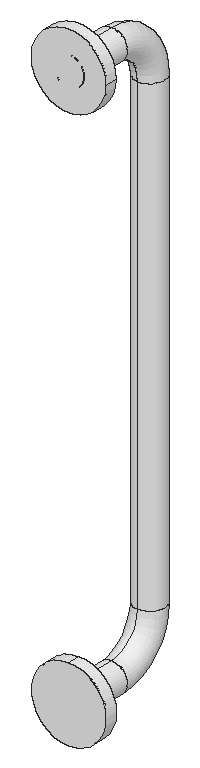
Revit family "Barra_Apoio_V", category Plumbing Fixtures, host Wall, Revit 2025
Family settings
  Host = Wall
  Round Connector Dimension = Use Diameter
  Part Type = Normal
  OmniClass Number = 23.45.00.00
  OmniClass Title = Sanitary, Laundry, and Cleaning Equipment
  Enable Cutting in Views = No
  Always vertical = Yes
  Cut with Voids When Loaded = No
  Maintain Annotation Orientation = No
  Shared = No
  Room Calculation Point = No
Parameters (values of type "BAA_U75")
  Material_Barra = CT_Cromados
  Description = "Descrição do tipo"
  Default Elevation = 0.000 m
  Barra_Deslocamento [instance] = 0.200 m
  Barra_Comprimento = 0.750 m
  Barra_Altura_Superior [instance] = 1.350 m
  Barra_Altura_Inferior [instance] = 0.750 m
  Barra_Afastamento = 0.107 m
Reference planes (m)
  plane 1: y = 0
  plane 2 "Back": y = 0.05
  plane 3: y = 0.063
  plane 4: x = 1.075
  plane 5 "Altura": z = 0.75
  plane 6: y = 0.157
  plane 7: z = 0
  plane 8 "2": z = 1.35
Forms (m)
  Extrusion 1, solid, material "CT_Cromados" <- "Material_Barra"
    sketch origin (0.925377, 0.075, 0.918379) x (0, 0, -1) y (1, 0, 0)
      loop
        circle (0.168379, 0.149623) r 0.0395
    from 0.025 to 0.012
  Sweep 2, solid, material "CT_Cromados" <- "Material_Barra"
    path origin (1.075, 0, 1.825) x (0, 1, 0) y (0, 0, 1)
      loop
        line (0.05, -1.075) -> (0.107, -1.075)
        arc (0.107, -1.075) -> (0.142355, -1.060355) -> (0.157, -1.025) r 0.05
        line (0.157, -1.025) -> (0.157, -0.525)
        arc (0.157, -0.525) -> (0.142355, -0.489645) -> (0.107, -0.475) r 0.05
        line (0.107, -0.475) -> (0.05, -0.475)
    profile origin (1.075, 0.0785, 0.75) x (0, 0, 1) y (1, 0, 0)
      loop
        circle (0, 0) r 0.016
  Extrusion 3, solid, material "CT_Cromados" <- "Material_Barra"
    sketch origin (0.925377, 0.075, 1.081621) x (0, 0, 1) y (-1, 0, 0)
      loop
        circle (0.268379, -0.149623) r 0.0395
    from 0.025 to 0.012
Cuts and joins
  joined: Extrusion 1, Sweep 2
Text (m)
  text "Placement side" at (-1.787139, 0.59235, 0), in view "Ref. Level"
  text "Placement side" at (0, 1.827695, 2.917686), in view "Left"
  text "Placement side" at (0, 0.562268, 3.853606), in view "Right"
Dimensions and locks (m)
  locked: plane 2 "Back" to host wall
  locked: plane 3 to plane 2 "Back" at 0.013
  "Barra_Altura_Inferior": plane 5 "Altura" to level
  "Barra_Afastamento": plane 6 to plane 2 "Back"
  "Barra_Altura_Superior": plane 8 "2" to plane 7
  radius of Sweep 2 sketch curve = 0.050 m  (x2)
  aligned and locked: host wall to plane 1
  aligned and locked: Sweep 2 sketch curve to plane 6
  aligned and locked: cut or joined group of Extrusion 1, Sweep 2 to host wall
  aligned and locked: cut or joined group of Extrusion 1, Sweep 2 to cut or joined group of Extrusion 1, Sweep 2
  aligned and locked: Sweep 2 sketch curve to plane 8 "2"
  aligned and locked: plane 8 "2" to Extrusion 3 sketch curve  (x2)
Automatic sketch dimensions
  Extrusion 1 sketch curve to Extrusion 1 sketch curve = 0.000 m  (x2)
  Extrusion 1 sketch curve to plane 4 = 0.000 m
  Extrusion 1 sketch curve to plane 5 "Altura" = 0.000 m
  Extrusion 1 sketch curve to Extrusion 1 sketch curve = 0.0395 m
  Sweep 2 sketch curve to plane 2 "Back" = 0.000 m  (x2)
  plane 5 "Altura" to Sweep 2 sketch curve = 0.000 m
  Sweep 2 sketch curve to profile plane = 0.000 m  (x2)
  Extrusion 3 sketch curve to plane 4 = 0.000 m
  plane 4 to Extrusion 3 sketch curve = 0.0395 m
  Extrusion 3 sketch curve to Extrusion 3 sketch curve = 0.000 m
  Extrusion 3 sketch curve to plane 8 "2" = 0.000 m
  radius of Sweep 2 sketch curve = 0.016 m
